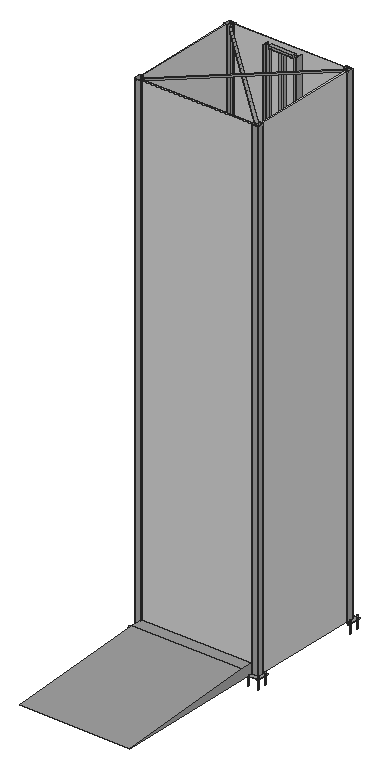
Revit family "SE_Trez_TC_T_1500_With_Ramp", category Specialty Equipment, Revit 2019
Family settings
  Round Connector Dimension = Use Diameter
  Part Type = Normal
  Work Plane-Based = No
  Always vertical = Yes
  Cut with Voids When Loaded = Yes
  Shared = No
  Room Calculation Point = No
Parameters (values of type "Platform-1700x1300mm with Door Height 2500mm")
  Side Clearance = 105.0 mm  # constant formula
  Safe Working Load = 1500.00 kg  # constant formula
  Safe Space = if(Cabin or Platform = Cabin, 900.0 mm, if(and(Cabin or Platform = Platform, Door Clear Height > 1900.0 mm), 600.0 mm, 0.0 mm))  # 600.0 mm
  Platform = Speciality_Equipment_Trez_Platform_Sgl_C : Platform
  Door Clear Width = Real Width  # 1700.0 mm
  Door Clear Height = 2500.0 mm
  D-Side = yes
  Clear Width = 1700.0 mm
  URL = "https://trez.bg/en/products/goods-only-lift-tc/tc-t-tower/"
  Tower Width = Real Width + 2 * Side Clearance  # 1910.0 mm
  Tower Depth = Real Depth + Side Clearance + Clearance  # 1830.0 mm
  Tower Cladding Material = TREZ_Steel_Cladding
  Real Width = if(Clear Width < 850.0 mm, 850.0 mm, if(Clear Width > 1700.0 mm, 1700.0 mm, Clear Width))  # 1700.0 mm
  Real Depth = if(Clear Depth < 850.0 mm, 850.0 mm, if(Clear Depth > 1300.0 mm, 1300.0 mm, Clear Depth))  # 1300.0 mm
  Profiles Material = TREZ_Steel
  Platform Material = TREZ_Steel
  Ramp Height = 150.0 mm  # constant formula
  Travel = 4500.0 mm
  Rail Height = Travel + Headroom  # 7600.0 mm
  Model = "TC T 1500"
  Manufacturer = "TREZ Ltd."
  Headroom = Door Clear Height + Safe Space  # 3100.0 mm
  Description = "TC T is the best choice when the budget is small, but the safety requirements are high. TC T is not fixed forever to the building. It can be installed directly on the ground floor and later dismounted and installed in another place. The TC T complies with the machinery directive 2006/42/EC. From the menu below, you can choose the lift and the tower options to fit perfectly for your project."  # constant formula
  Clear Depth = 1300.0 mm
  Created By URL = "https://all1studio.com/"
  Created By = "All 1 Studio Ltd."
  Clearance = 425.0 mm  # constant formula
  Cabin or Platform = Speciality_Equipment_Trez_Platform_Sgl_C : Platform
  Cabin = Speciality_Equipment_Trez_Cabin_Sgl_C : Cabin
  C-Side = 1 = 1  # yes
  B-Side = yes
  A-Side = no
Reference planes
  plane 1 "Center (Front/Back)": y = 0
  plane 2: z = 0
  plane 3 "Center (Left/Right)": x = 0
  plane 4: x = -850
  plane 5: x = 850
  plane 6: y = 650
  plane 7: y = -650
  plane 8: x = 955
  plane 9: y = 1075
  plane 10: x = -955
  plane 11: y = -755
  plane 12: x = 900
  plane 13: x = -900
  plane 14: y = 1020
  plane 15: y = -700
  plane 16: z = 4500
  plane 17 "Top of Lift": z = 7600
  plane 18 "Ramp": z = 150
  plane 19: x = -908.5
  plane 20: x = 908.5
  plane 21: x = -939.032
  plane 22: x = -921.032
  plane 23: y = 1059
  plane 24: y = 1041
  plane 25: x = 939
  plane 26: x = 921
  plane 27: y = -739
  plane 28: y = -721
  plane 29: x = -1015
  plane 30: y = 1135
  plane 31: x = 1015
  plane 32: y = -815
  plane 33: z = 7540
  plane 34: z = 40
  plane 35: z = -145
  plane 36: y = 888.5
  plane 37: y = 1285
  plane 38: x = -850
  plane 39: y = -650
  plane 40: x = 850
  plane 41: y = 970
Forms (mm)
  Extrusion 1, solid, material "TREZ_Steel_Cladding" <- "Tower Cladding Material", detail levels coarse+medium
    sketch origin (0, 0, 0) x (1, 0, 0) y (0, 1, 0)
      loop
        line (-955, -755) -> (-850, -755) -> (-850, -739) -> (850, -739) -> (850, -755) -> (955, -755) -> (955, -650) -> (939, -650) -> (939, 970) -> (955, 970) -> (955, 1075) -> (850, 1075) -> (850, 1059) -> (-850, 1059) -> (-850, 1075) -> (-955, 1075) -> (-955, 970) -> (-939.032, 970) -> (-939.032, -650) -> (-955, -650) -> (-955, -755)
      loop
        line (-900, -700) -> (-850, -700) -> (-850, -721) -> (850, -721) -> (850, -700) -> (900, -700) -> (900, -650) -> (921, -650) -> (921, 970) -> (900, 970) -> (900, 1020) -> (850, 1020) -> (850, 1041) -> (-850, 1041) -> (-850, 1020) -> (-900, 1020) -> (-900, 970) -> (-921.032, 970) -> (-921.032, -650) -> (-900, -650) -> (-900, -700)
    from 0 to 7600
  Extrusion 2, solid, material "TREZ_Steel" <- "Profiles Material", detail levels fine
    sketch origin (0, 0, 0) x (1, 0, 0) y (0, 1, 0)
      loop
        arc (-955, -748) -> (-952.95, -752.95) -> (-948, -755) r 7
        line (-948, -755) -> (-857, -755)
        arc (-857, -755) -> (-852.05, -752.95) -> (-850, -748) r 7
        line (-850, -748) -> (-850, -707)
        arc (-850, -707) -> (-852.05, -702.05) -> (-857, -700) r 7
        line (-857, -700) -> (-893, -700)
        arc (-893, -700) -> (-897.95, -697.95) -> (-900, -693) r 7
        line (-900, -693) -> (-900, -657)
        arc (-900, -657) -> (-902.05, -652.05) -> (-907, -650) r 7
        line (-907, -650) -> (-948, -650)
        arc (-948, -650) -> (-952.95, -652.05) -> (-955, -657) r 7
        line (-955, -657) -> (-955, -748)
      loop
        line (-853, -748) -> (-853, -707)
        arc (-853, -707) -> (-854.172, -704.172) -> (-857, -703) r 4
        line (-857, -703) -> (-893, -703)
        arc (-893, -703) -> (-900.071, -700.071) -> (-903, -693) r 10
        line (-903, -693) -> (-903, -657)
        arc (-903, -657) -> (-904.172, -654.172) -> (-907, -653) r 4
        line (-907, -653) -> (-948, -653)
        arc (-948, -653) -> (-950.828, -654.172) -> (-952, -657) r 4
        line (-952, -657) -> (-952, -748)
        arc (-952, -748) -> (-950.828, -750.828) -> (-948, -752) r 4
        line (-948, -752) -> (-857, -752)
        arc (-857, -752) -> (-854.172, -750.828) -> (-853, -748) r 4
      loop
        line (955, -748) -> (955, -657)
        arc (955, -657) -> (952.95, -652.05) -> (948, -650) r 7
        line (948, -650) -> (907, -650)
        arc (907, -650) -> (902.05, -652.05) -> (900, -657) r 7
        line (900, -657) -> (900, -693)
        arc (900, -693) -> (897.95, -697.95) -> (893, -700) r 7
        line (893, -700) -> (857, -700)
        arc (857, -700) -> (852.05, -702.05) -> (850, -707) r 7
        line (850, -707) -> (850, -748)
        arc (850, -748) -> (852.05, -752.95) -> (857, -755) r 7
        line (857, -755) -> (948, -755)
        arc (948, -755) -> (952.95, -752.95) -> (955, -748) r 7
      loop
        arc (853, -748) -> (854.172, -750.828) -> (857, -752) r 4
        line (857, -752) -> (948, -752)
        arc (948, -752) -> (950.828, -750.828) -> (952, -748) r 4
        line (952, -748) -> (952, -657)
        arc (952, -657) -> (950.828, -654.172) -> (948, -653) r 4
        line (948, -653) -> (907, -653)
        arc (907, -653) -> (904.172, -654.172) -> (903, -657) r 4
        line (903, -657) -> (903, -693)
        arc (903, -693) -> (900.071, -700.071) -> (893, -703) r 10
        line (893, -703) -> (857, -703)
        arc (857, -703) -> (854.172, -704.172) -> (853, -707) r 4
        line (853, -707) -> (853, -748)
      loop
        line (-955, 1068) -> (-955, 977)
        arc (-955, 977) -> (-952.95, 972.05) -> (-948, 970) r 7
        line (-948, 970) -> (-907, 970)
        arc (-907, 970) -> (-902.05, 972.05) -> (-900, 977) r 7
        line (-900, 977) -> (-900, 1013)
        arc (-900, 1013) -> (-897.95, 1017.95) -> (-893, 1020) r 7
        line (-893, 1020) -> (-857, 1020)
        arc (-857, 1020) -> (-852.05, 1022.05) -> (-850, 1027) r 7
        line (-850, 1027) -> (-850, 1068)
        arc (-850, 1068) -> (-852.05, 1072.95) -> (-857, 1075) r 7
        line (-857, 1075) -> (-948, 1075)
        arc (-948, 1075) -> (-952.95, 1072.95) -> (-955, 1068) r 7
      loop
        arc (-853, 1068) -> (-854.172, 1070.828) -> (-857, 1072) r 4
        line (-857, 1072) -> (-948, 1072)
        arc (-948, 1072) -> (-950.828, 1070.828) -> (-952, 1068) r 4
        line (-952, 1068) -> (-952, 977)
        arc (-952, 977) -> (-950.828, 974.172) -> (-948, 973) r 4
        line (-948, 973) -> (-907, 973)
        arc (-907, 973) -> (-904.172, 974.172) -> (-903, 977) r 4
        line (-903, 977) -> (-903, 1013)
        arc (-903, 1013) -> (-900.071, 1020.071) -> (-893, 1023) r 10
        line (-893, 1023) -> (-857, 1023)
        arc (-857, 1023) -> (-854.172, 1024.172) -> (-853, 1027) r 4
        line (-853, 1027) -> (-853, 1068)
      loop
        arc (955, 1068) -> (952.95, 1072.95) -> (948, 1075) r 7
        line (948, 1075) -> (857, 1075)
        arc (857, 1075) -> (852.05, 1072.95) -> (850, 1068) r 7
        line (850, 1068) -> (850, 1027)
        arc (850, 1027) -> (852.05, 1022.05) -> (857, 1020) r 7
        line (857, 1020) -> (893, 1020)
        arc (893, 1020) -> (897.95, 1017.95) -> (900, 1013) r 7
        line (900, 1013) -> (900, 977)
        arc (900, 977) -> (902.05, 972.05) -> (907, 970) r 7
        line (907, 970) -> (948, 970)
        arc (948, 970) -> (952.95, 972.05) -> (955, 977) r 7
        line (955, 977) -> (955, 1068)
      loop
        line (853, 1068) -> (853, 1027)
        arc (853, 1027) -> (854.172, 1024.172) -> (857, 1023) r 4
        line (857, 1023) -> (893, 1023)
        arc (893, 1023) -> (900.071, 1020.071) -> (903, 1013) r 10
        line (903, 1013) -> (903, 977)
        arc (903, 977) -> (904.172, 974.172) -> (907, 973) r 4
        line (907, 973) -> (948, 973)
        arc (948, 973) -> (950.828, 974.172) -> (952, 977) r 4
        line (952, 977) -> (952, 1068)
        arc (952, 1068) -> (950.828, 1070.828) -> (948, 1072) r 4
        line (948, 1072) -> (857, 1072)
        arc (857, 1072) -> (854.172, 1070.828) -> (853, 1068) r 4
    from 5 to 7600
  Extrusion 3, solid, material "TREZ_Steel_Cladding" <- "Tower Cladding Material", detail levels fine
    sketch origin (0, 0, 0) x (1, 0, 0) y (0, 1, 0)
      loop
        line (939, 970) -> (921, 970) -> (921, -650) -> (939, -650) -> (939, 970)
      loop
        line (850, 1059) -> (-850, 1059) -> (-850, 1041) -> (850, 1041) -> (850, 1059)
      loop
        line (850, -721) -> (-850, -721) -> (-850, -739) -> (850, -739) -> (850, -721)
      loop
        line (-921.032, -650) -> (-921.032, 970) -> (-939.032, 970) -> (-939.032, -650) -> (-921.032, -650)
    from 0 to 7600
  Extrusion 4, solid, material "TREZ_Steel" <- "Profiles Material", detail levels fine
    sketch origin (0, 0, 0) x (1, 0, 0) y (0, 1, 0)
      loop
        arc (-837, -815) -> (-832.05, -812.95) -> (-830, -808) r 7
        line (-830, -808) -> (-830, -755) -> (-850, -755) -> (-850, -700) -> (-900, -700) -> (-900, -650) -> (-955, -650) -> (-955, -630) -> (-1008, -630)
        arc (-1008, -630) -> (-1012.95, -632.05) -> (-1015, -637) r 7
        line (-1015, -637) -> (-1015, -808)
        arc (-1015, -808) -> (-1012.95, -812.95) -> (-1008, -815) r 7
        line (-1008, -815) -> (-837, -815)
      loop
        line (837, -815) -> (1008, -815)
        arc (1008, -815) -> (1012.95, -812.95) -> (1015, -808) r 7
        line (1015, -808) -> (1015, -637)
        arc (1015, -637) -> (1012.95, -632.05) -> (1008, -630) r 7
        line (1008, -630) -> (955, -630) -> (955, -650) -> (900, -650) -> (900, -700) -> (850, -700) -> (850, -755) -> (830, -755) -> (830, -808)
        arc (830, -808) -> (832.05, -812.95) -> (837, -815) r 7
      loop
        line (-837, 1135) -> (-1008, 1135)
        arc (-1008, 1135) -> (-1012.95, 1132.95) -> (-1015, 1128) r 7
        line (-1015, 1128) -> (-1015, 957)
        arc (-1015, 957) -> (-1012.95, 952.05) -> (-1008, 950) r 7
        line (-1008, 950) -> (-955, 950) -> (-955, 970) -> (-900, 970) -> (-900, 1020) -> (-850, 1020) -> (-850, 1075) -> (-830, 1075) -> (-830, 1128)
        arc (-830, 1128) -> (-832.05, 1132.95) -> (-837, 1135) r 7
      loop
        arc (837, 1135) -> (832.05, 1132.95) -> (830, 1128) r 7
        line (830, 1128) -> (830, 1075) -> (850, 1075) -> (850, 1020) -> (900, 1020) -> (900, 970) -> (955, 970) -> (955, 950) -> (1008, 950)
        arc (1008, 950) -> (1012.95, 952.05) -> (1015, 957) r 7
        line (1015, 957) -> (1015, 1128)
        arc (1015, 1128) -> (1012.95, 1132.95) -> (1008, 1135) r 7
        line (1008, 1135) -> (837, 1135)
    from 5 to 0
  Sweep 5, solid, material "TREZ_Steel" <- "Profiles Material", detail levels fine
    path origin (0, 0, 7600) x (-1, 0, 0) y (0, -1, 0)
      loop
        line (900, 700) -> (-900, -1020)
    profile origin (0, 160, 7600) x (-0.690858, 0.722991, 0) y (0, 0, 1)
      loop
        line (15, 0) -> (-15, 0) -> (-15, -30) -> (15, -30) -> (15, 0)
  Sweep 6, solid, material "TREZ_Steel" <- "Profiles Material", detail levels fine
    path origin (0, 0, 7600) x (-1, 0, 0) y (0, -1, 0)
      loop
        line (900, -1020) -> (-900, 700)
    profile origin (0, 160, 7600) x (0.690858, 0.722991, 0) y (0, 0, 1)
      loop
        line (-15, -60) -> (15, -60) -> (15, -30) -> (-15, -30) -> (-15, -60)
  Extrusion 7, void
    sketch origin (0, 0, 7600) x (-1, 0, 0) y (0, -1, 0)
      loop
        arc (907, -655) -> (902.05, -657.05) -> (900, -662) r 7
        line (900, -662) -> (900, -1013)
        arc (900, -1013) -> (897.95, -1017.95) -> (893, -1020) r 7
        line (893, -1020) -> (857, -1020)
        arc (857, -1020) -> (852.05, -1022.05) -> (850, -1027) r 7
        line (850, -1027) -> (850, -1068)
        arc (850, -1068) -> (852.05, -1072.95) -> (857, -1075) r 7
        line (857, -1075) -> (948, -1075)
        arc (948, -1075) -> (952.95, -1072.95) -> (955, -1068) r 7
        line (955, -1068) -> (955, -662)
        arc (955, -662) -> (952.95, -657.05) -> (948, -655) r 7
        line (948, -655) -> (907, -655)
      loop
        arc (-850, -1027) -> (-852.05, -1022.05) -> (-857, -1020) r 7
        line (-857, -1020) -> (-893, -1020)
        arc (-893, -1020) -> (-897.95, -1017.95) -> (-900, -1013) r 7
        line (-900, -1013) -> (-900, -662)
        arc (-900, -662) -> (-902.05, -657.05) -> (-907, -655) r 7
        line (-907, -655) -> (-948, -655)
        arc (-948, -655) -> (-952.95, -657.05) -> (-955, -662) r 7
        line (-955, -662) -> (-955, -1068)
        arc (-955, -1068) -> (-952.95, -1072.95) -> (-948, -1075) r 7
        line (-948, -1075) -> (-857, -1075)
        arc (-857, -1075) -> (-852.05, -1072.95) -> (-850, -1068) r 7
        line (-850, -1068) -> (-850, -1027)
      loop
        arc (-907, 615) -> (-902.05, 617.05) -> (-900, 622) r 7
        line (-900, 622) -> (-900, 693)
        arc (-900, 693) -> (-897.95, 697.95) -> (-893, 700) r 7
        line (-893, 700) -> (-857, 700)
        arc (-857, 700) -> (-852.05, 702.05) -> (-850, 707) r 7
        line (-850, 707) -> (-850, 748)
        arc (-850, 748) -> (-852.05, 752.95) -> (-857, 755) r 7
        line (-857, 755) -> (-948, 755)
        arc (-948, 755) -> (-952.95, 752.95) -> (-955, 748) r 7
        line (-955, 748) -> (-955, 622)
        arc (-955, 622) -> (-952.95, 617.05) -> (-948, 615) r 7
        line (-948, 615) -> (-907, 615)
      loop
        arc (900, 622) -> (902.05, 617.05) -> (907, 615) r 7
        line (907, 615) -> (948, 615)
        arc (948, 615) -> (952.95, 617.05) -> (955, 622) r 7
        line (955, 622) -> (955, 748)
        arc (955, 748) -> (952.95, 752.95) -> (948, 755) r 7
        line (948, 755) -> (857, 755)
        arc (857, 755) -> (852.05, 752.95) -> (850, 748) r 7
        line (850, 748) -> (850, 707)
        arc (850, 707) -> (852.05, 702.05) -> (857, 700) r 7
        line (857, 700) -> (893, 700)
        arc (893, 700) -> (897.95, 697.95) -> (900, 693) r 7
        line (900, 693) -> (900, 622)
    from -60 to 0
  Extrusion 8, solid, material "TREZ_Steel" <- "Profiles Material", detail levels fine
    sketch origin (0, 0, 0) x (1, 0, 0) y (0, 1, 0)
      loop
        circle (-990.697, -799.303) r 6
      loop
        circle (-845.697, -799.303) r 6
      loop
        circle (-990.697, -654.303) r 6
      loop
        circle (990.697, -799.303) r 6
      loop
        circle (845.697, -799.303) r 6
      loop
        circle (990.697, -654.303) r 6
      loop
        circle (-990.697, 1119.303) r 6
      loop
        circle (-845.697, 1119.303) r 6
      loop
        circle (-990.697, 974.303) r 6
      loop
        circle (990.697, 1119.303) r 6
      loop
        circle (845.697, 1119.303) r 6
      loop
        circle (990.697, 974.303) r 6
    from -145 to 40
Cuts and joins
  Extrusion 7 cuts Sweep 5
  Extrusion 7 cuts Sweep 6
  joined: Extrusion 4, Extrusion 8
Lines and regions (mm)
  symbolic lines, style "Profiles"
    curve 1: line (-955, 1075, 0) -> (-850, 1075, 0)
    curve 2: line (-850, 1075, 0) -> (-850, 1020, 0)
    curve 3: line (-850, 1020, 0) -> (-900, 1020, 0)
    curve 4: line (-900, 1020, 0) -> (-900, 970, 0)
    curve 5: line (-900, 970, 0) -> (-955, 970, 0)
    curve 6: line (-955, 970, 0) -> (-955, 1075, 0)
    curve 7: line (850, 1075, 0) -> (955, 1075, 0)
    curve 8: line (955, 1075, 0) -> (955, 970, 0)
    curve 9: line (955, 970, 0) -> (900, 970, 0)
    curve 10: line (900, 970, 0) -> (900, 1020, 0)
    curve 11: line (900, 1020, 0) -> (850, 1020, 0)
    curve 12: line (850, 1020, 0) -> (850, 1075, 0)
    curve 13: line (-955, -650, 0) -> (-900, -650, 0)
    curve 14: line (-900, -650, 0) -> (-900, -700, 0)
    curve 15: line (-900, -700, 0) -> (-850, -700, 0)
    curve 16: line (-850, -700, 0) -> (-850, -755, 0)
    curve 17: line (-850, -755, 0) -> (-955, -755, 0)
    curve 18: line (-955, -755, 0) -> (-955, -650, 0)
    curve 19: line (850, -700, 0) -> (900, -700, 0)
    curve 20: line (900, -700, 0) -> (900, -650, 0)
    curve 21: line (900, -650, 0) -> (955, -650, 0)
    curve 22: line (955, -650, 0) -> (955, -755, 0)
    curve 23: line (955, -755, 0) -> (850, -755, 0)
    curve 24: line (850, -700, 0) -> (850, -755, 0)
    curve 25: line (939, 970, 0) -> (921, 970, 0)
    curve 26: line (939, -650, 0) -> (939, 970, 0)
    curve 27: line (921, -650, 0) -> (939, -650, 0)
    curve 28: line (921, 970, 0) -> (921, -650, 0)
    curve 29: line (850, -721, 0) -> (-850, -721, 0)
    curve 30: line (850, -739, 0) -> (850, -721, 0)
    curve 31: line (-850, -739, 0) -> (850, -739, 0)
    curve 32: line (-850, -721, 0) -> (-850, -739, 0)
    curve 33: line (-921.032, -650, 0) -> (-939.032, -650, 0)
    curve 34: line (-921.032, 970, 0) -> (-921.032, -650, 0)
    curve 35: line (-939.032, 970, 0) -> (-921.032, 970, 0)
    curve 36: line (-939.032, -650, 0) -> (-939.032, 970, 0)
    curve 37: line (-850, 1041, 0) -> (850, 1041, 0)
    curve 38: line (-850, 1059, 0) -> (-850, 1041, 0)
    curve 39: line (850, 1059, 0) -> (-850, 1059, 0)
    curve 40: line (850, 1041, 0) -> (850, 1059, 0)
  symbolic lines, style "Platform"
    curve 41: line (-850, 650, 0) -> (850, 650, 0)
    curve 42: line (-850, -650, 0) -> (-850, 650, 0)
    curve 43: line (850, -650, 0) -> (-850, -650, 0)
    curve 44: line (850, 650, 0) -> (850, -650, 0)
    curve 45: line (-850, 650, 0) -> (850, -650, 0)
    curve 46: line (850, 650, 0) -> (-850, -650, 0)
  model lines, style "Profiles", detail levels coarse+medium
    curve 47: line (-900, 1020, 7600) -> (900, -700, 7600)
    curve 48: line (900, 1020, 7600) -> (-900, -700, 7600)
Dimensions and locks
  equal spacing: plane 4, plane 3 "Center (Left/Right)", plane 5
  "Real Width": plane 4 to plane 5
  equal spacing: plane 7, plane 1 "Center (Front/Back)", plane 6
  "Real Depth": plane 7 to plane 6
  "Side Clearance": plane 7 to plane 11
  locked: plane 12 to plane 8 at 55
  locked: plane 10 to plane 13 at 55
  locked: plane 14 to plane 9 at 55
  locked: plane 15 to plane 11 at 55
  "Travel": plane 16 to level
  locked: plane 10 to plane 19 at 46.5
  locked: plane 20 to plane 8 at 46.5
  plane 10 to plane 21 to plane 22 = 15.968 mm locked, 18.0 mm locked
  plane 24 to plane 23 to plane 9 = 18.0 mm locked, 16.0 mm locked
  plane 26 to plane 25 to plane 8 = 18.0 mm locked, 16.0 mm locked
  plane 28 to plane 27 to plane 11 = 18.0 mm locked, 16.0 mm locked
  locked: plane 29 to plane 10 at 60
  locked: plane 9 to plane 30 at 60
  locked: plane 8 to plane 31 at 60
  locked: plane 11 to plane 32 at 60
  "Headroom": plane 17 "Top of Lift" to plane 16
  locked: plane 17 "Top of Lift" to plane 33 at 60
  locked: plane 34 to level at 40
  locked: level to plane 35 at 145
  "Clearance": plane 6 to plane 9
  locked: plane 36 to plane 9 at 186.5
  locked: plane 9 to plane 37 at 210
  "Side Clearance": plane 10 to plane 4
  "Side Clearance": plane 5 to plane 8
  locked: plane 10 to plane 38 at 105
  locked: plane 39 to plane 11 at 105
  locked: plane 40 to plane 8 at 105
  locked: plane 41 to plane 9 at 105
  plane 9 to plane 11 = 1830.0 mm
  plane 10 to plane 8 = 1910.0 mm
  "Ramp Height": plane 18 "Ramp" to level
  aligned and locked: level to plane 2
  aligned and locked: plane 10 to Extrusion 1 sketch curve
  aligned and locked: plane 13 to Extrusion 1 sketch curve
  aligned and locked: plane 17 "Top of Lift" to Extrusion 1
  aligned and locked: plane 1 "Center (Front/Back)" to nested 1
  aligned and locked: plane 3 "Center (Left/Right)" to nested 1
  aligned and locked: plane 17 "Top of Lift" to Extrusion 2
  aligned and locked: Extrusion 3 sketch curve to plane 25
  aligned and locked: plane 26 to Extrusion 3 sketch curve
  aligned and locked: Extrusion 3 sketch curve to plane 23
  aligned and locked: plane 24 to Extrusion 3 sketch curve
  aligned and locked: plane 28 to Extrusion 3 sketch curve
  aligned and locked: Extrusion 3 sketch curve to plane 27
  aligned and locked: Extrusion 3 sketch curve to plane 22
  aligned and locked: plane 21 to Extrusion 3 sketch curve
  aligned and locked: plane 17 "Top of Lift" to Extrusion 3
  aligned and locked: plane 14 to Sweep 5 sketch curve
  aligned and locked: plane 12 to Sweep 5 sketch curve
  aligned and locked: plane 13 to Sweep 5 sketch curve
  aligned and locked: plane 15 to Sweep 5 sketch curve
  aligned and locked: plane 12 to Sweep 6 sketch curve
  aligned and locked: plane 15 to Sweep 6 sketch curve
  aligned and locked: plane 14 to Sweep 6 sketch curve
  aligned and locked: plane 13 to Sweep 6 sketch curve
  aligned and locked: plane 33 to Extrusion 7
  aligned and locked: plane 17 "Top of Lift" to Extrusion 7
  aligned and locked: Extrusion 8 to plane 35
  aligned and locked: plane 34 to Extrusion 8
  aligned and locked: plane 16 to nested 1
  aligned and locked: nested 3 to plane 3 "Center (Left/Right)"
  aligned and locked: plane 36 to nested 3
  aligned and locked: nested 2 to plane 3 "Center (Left/Right)"
  aligned and locked: nested 2 to plane 37
  aligned and locked: plane 4 to curve 42
  aligned and locked: Extrusion 3 sketch curve to plane 40
  aligned and locked: nested 3 to level
  aligned and locked: nested 4 to plane 3 "Center (Left/Right)"
  aligned and locked: plane 27 to nested 4
Automatic sketch dimensions
  plane 9 to Extrusion 7 sketch curve = 0.0 mm  (x2)
  plane 14 to Extrusion 7 sketch curve = 0.0 mm  (x2)
  Extrusion 7 sketch curve to plane 13 = 0.0 mm  (x2)
  Extrusion 7 sketch curve to plane 10 = 0.0 mm  (x2)
  Extrusion 7 sketch curve to Extrusion 7 sketch curve = 7.0 mm  (x9)
  plane 13 to Extrusion 7 sketch curve = 43.0 mm
  Extrusion 7 sketch curve to Extrusion 7 sketch curve = 36.0 mm  (x2)
  plane 19 to Extrusion 7 sketch curve = 1.5 mm  (x2)
  plane 10 to Extrusion 7 sketch curve = 7.0 mm
  Extrusion 7 sketch curve to plane 6 = 12.0 mm
  Extrusion 7 sketch curve to plane 8 = 0.0 mm  (x2)
  Extrusion 7 sketch curve to plane 12 = 0.0 mm  (x2)
  Extrusion 7 sketch curve to plane 6 = 5.0 mm
  plane 8 to Extrusion 7 sketch curve = 7.0 mm  (x3)
  plane 20 to Extrusion 7 sketch curve = 1.5 mm  (x2)
  Extrusion 7 sketch curve to plane 14 = 7.0 mm
  Extrusion 7 sketch curve to plane 11 = 0.0 mm  (x2)
  Extrusion 7 sketch curve to plane 15 = 0.0 mm  (x2)
  plane 12 to Extrusion 7 sketch curve = 7.0 mm
  plane 11 to Extrusion 7 sketch curve = 7.0 mm  (x2)
  plane 12 to Extrusion 7 sketch curve = 43.0 mm
  Extrusion 7 sketch curve to plane 15 = 7.0 mm
  plane 7 to Extrusion 7 sketch curve = 35.0 mm  (x2)
  plane 13 to Extrusion 7 sketch curve = 50.0 mm
  plane 13 to Extrusion 7 sketch curve = 7.0 mm
  curve 47 to plane 12 = 0.0 mm
  curve 48 to plane 12 = 0.0 mm
  curve 48 to plane 13 = 0.0 mm
  curve 47 to plane 13 = 0.0 mm
  plane 14 to curve 48 = 0.0 mm
  plane 14 to curve 47 = 0.0 mm
  curve 48 to plane 15 = 0.0 mm
  curve 47 to plane 15 = 0.0 mm
  plane 17 "Top of Lift" to Sweep 5 sketch curve = 0.0 mm
  profile plane to Sweep 5 sketch curve = 15.0 mm
  Sweep 5 sketch curve to profile plane = 15.0 mm
  Sweep 5 sketch curve to Sweep 5 sketch curve = 30.0 mm
  profile plane to Sweep 6 sketch curve = 15.0 mm
  Sweep 6 sketch curve to profile plane = 15.0 mm
  Sweep 6 sketch curve to plane 17 "Top of Lift" = 60.0 mm
  Sweep 6 sketch curve to plane 17 "Top of Lift" = 30.0 mm
  Extrusion 2 sketch curve to Extrusion 2 sketch curve = 0.0 mm  (x48)
  Extrusion 2 sketch curve to plane 10 = 0.0 mm  (x2)
  Extrusion 2 sketch curve to plane 11 = 0.0 mm  (x2)
  plane 41 to Extrusion 2 sketch curve = 0.0 mm  (x2)
  plane 9 to Extrusion 2 sketch curve = 0.0 mm  (x2)
  plane 39 to Extrusion 2 sketch curve = 0.0 mm  (x2)
  Extrusion 2 sketch curve to plane 13 = 0.0 mm  (x2)
  plane 14 to Extrusion 2 sketch curve = 0.0 mm  (x2)
  Extrusion 2 sketch curve to plane 15 = 0.0 mm  (x2)
  Extrusion 2 sketch curve to plane 38 = 0.0 mm  (x2)
  Extrusion 2 sketch curve to plane 40 = 0.0 mm  (x2)
  Extrusion 2 sketch curve to plane 12 = 0.0 mm  (x2)
  Extrusion 2 sketch curve to plane 8 = 0.0 mm  (x2)
  Extrusion 2 sketch curve to Extrusion 2 sketch curve = 3.0 mm  (x2)
  plane 10 to Extrusion 2 sketch curve = 3.0 mm
  plane 10 to Extrusion 2 sketch curve = 7.0 mm  (x2)
  Extrusion 2 sketch curve to Extrusion 2 sketch curve = 4.0 mm  (x12)
  plane 19 to Extrusion 2 sketch curve = 1.5 mm  (x2)
  Extrusion 2 sketch curve to Extrusion 2 sketch curve = 7.0 mm  (x2)
  plane 13 to Extrusion 2 sketch curve = 7.0 mm
  Extrusion 2 sketch curve to plane 40 = 3.0 mm
  Extrusion 2 sketch curve to plane 40 = 7.0 mm
  plane 12 to Extrusion 2 sketch curve = 7.0 mm
  plane 20 to Extrusion 2 sketch curve = 1.5 mm  (x2)
  plane 8 to Extrusion 2 sketch curve = 7.0 mm
  plane 9 to curve 1 = 0.0 mm
  curve 1 to plane 10 = 0.0 mm
  curve 13 to plane 10 = 0.0 mm
  curve 35 to plane 21 = 0.0 mm
  curve 34 to plane 22 = 0.0 mm
  curve 5 to plane 13 = 0.0 mm
  curve 14 to plane 13 = 0.0 mm
  curve 16 to plane 15 = 0.0 mm
  curve 16 to plane 38 = 0.0 mm
  plane 23 to curve 38 = 0.0 mm
  curve 38 to plane 38 = 0.0 mm
  curve 32 to plane 27 = 0.0 mm
  curve 32 to plane 38 = 0.0 mm
  curve 1 to plane 38 = 0.0 mm
  curve 45 to plane 5 = 0.0 mm
  plane 24 to curve 40 = 0.0 mm
  curve 40 to plane 40 = 0.0 mm
  plane 9 to curve 7 = 0.0 mm
  curve 7 to plane 40 = 0.0 mm
  curve 24 to plane 11 = 0.0 mm
  curve 24 to plane 40 = 0.0 mm
  curve 29 to plane 28 = 0.0 mm
  curve 29 to plane 40 = 0.0 mm
  curve 19 to plane 12 = 0.0 mm
  curve 10 to plane 12 = 0.0 mm
  curve 25 to plane 26 = 0.0 mm
  curve 26 to plane 25 = 0.0 mm
  curve 22 to plane 8 = 0.0 mm
  curve 7 to plane 8 = 0.0 mm
  curve 16 to plane 11 = 0.0 mm
  curve 19 to plane 15 = 0.0 mm
  plane 39 to curve 13 = 0.0 mm
  plane 39 to curve 26 = 0.0 mm
  plane 39 to curve 33 = 0.0 mm
  plane 39 to curve 22 = 0.0 mm
  plane 41 to curve 25 = 0.0 mm
  plane 41 to curve 10 = 0.0 mm
  plane 41 to curve 36 = 0.0 mm
  plane 41 to curve 4 = 0.0 mm
  plane 14 to curve 12 = 0.0 mm
  plane 14 to curve 4 = 0.0 mm
  Extrusion 1 sketch curve to plane 10 = 0.0 mm
  Extrusion 1 sketch curve to plane 21 = 0.0 mm
  Extrusion 1 sketch curve to plane 22 = 0.0 mm
  Extrusion 1 sketch curve to plane 13 = 0.0 mm
  Extrusion 1 sketch curve to plane 15 = 0.0 mm  (x2)
  Extrusion 1 sketch curve to plane 38 = 0.0 mm  (x4)
  plane 24 to Extrusion 1 sketch curve = 0.0 mm
  Extrusion 1 sketch curve to plane 11 = 0.0 mm  (x2)
  plane 9 to Extrusion 1 sketch curve = 0.0 mm  (x2)
  Extrusion 1 sketch curve to plane 40 = 0.0 mm  (x4)
  plane 23 to Extrusion 1 sketch curve = 0.0 mm
  Extrusion 1 sketch curve to plane 12 = 0.0 mm  (x2)
  Extrusion 1 sketch curve to plane 26 = 0.0 mm
  Extrusion 1 sketch curve to plane 25 = 0.0 mm
  Extrusion 1 sketch curve to plane 8 = 0.0 mm  (x2)
  Extrusion 1 sketch curve to plane 27 = 0.0 mm
  Extrusion 1 sketch curve to plane 28 = 0.0 mm
  plane 39 to Extrusion 1 sketch curve = 0.0 mm  (x4)
  plane 41 to Extrusion 1 sketch curve = 0.0 mm  (x4)
  plane 14 to Extrusion 1 sketch curve = 0.0 mm  (x2)
  Extrusion 4 sketch curve to plane 29 = 0.0 mm  (x2)
  plane 30 to Extrusion 4 sketch curve = 0.0 mm  (x2)
  Extrusion 4 sketch curve to plane 32 = 0.0 mm  (x2)
  Extrusion 4 sketch curve to plane 10 = 0.0 mm  (x2)
  Extrusion 4 sketch curve to plane 13 = 0.0 mm  (x2)
  Extrusion 4 sketch curve to plane 11 = 0.0 mm  (x2)
  Extrusion 4 sketch curve to plane 38 = 0.0 mm  (x2)
  plane 14 to Extrusion 4 sketch curve = 0.0 mm  (x2)
  plane 9 to Extrusion 4 sketch curve = 0.0 mm  (x2)
  Extrusion 4 sketch curve to plane 40 = 0.0 mm  (x2)
  Extrusion 4 sketch curve to plane 15 = 0.0 mm  (x2)
  Extrusion 4 sketch curve to plane 12 = 0.0 mm  (x2)
  Extrusion 4 sketch curve to plane 8 = 0.0 mm  (x2)
  Extrusion 4 sketch curve to plane 31 = 0.0 mm  (x2)
  plane 39 to Extrusion 4 sketch curve = 0.0 mm  (x2)
  plane 41 to Extrusion 4 sketch curve = 0.0 mm  (x2)
  Extrusion 4 sketch curve to Extrusion 4 sketch curve = 7.0 mm  (x3)
  plane 29 to Extrusion 4 sketch curve = 7.0 mm  (x3)
  plane 38 to Extrusion 4 sketch curve = 13.0 mm  (x2)
  Extrusion 4 sketch curve to Extrusion 4 sketch curve = 20.0 mm  (x3)
  plane 40 to Extrusion 4 sketch curve = 20.0 mm
  plane 31 to Extrusion 4 sketch curve = 7.0 mm  (x4)
  Extrusion 4 sketch curve to plane 39 = 13.0 mm  (x2)
  plane 41 to Extrusion 4 sketch curve = 20.0 mm  (x2)
  plane 29 to Extrusion 8 sketch curve = 24.303 mm  (x4)
  plane 39 to Extrusion 8 sketch curve = 4.303 mm  (x2)
  Extrusion 8 sketch curve to plane 41 = 4.303 mm  (x2)
  plane 38 to Extrusion 8 sketch curve = 4.303 mm  (x2)
  plane 40 to Extrusion 8 sketch curve = 4.303 mm  (x2)
  plane 31 to Extrusion 8 sketch curve = 24.303 mm  (x4)
  plane 32 to Extrusion 8 sketch curve = 15.697 mm  (x4)
  plane 30 to Extrusion 8 sketch curve = 15.697 mm  (x4)
  Extrusion 3 sketch curve to plane 4 = 0.0 mm  (x2)
  Extrusion 3 sketch curve to plane 5 = 0.0 mm
  Extrusion 3 sketch curve to plane 7 = 0.0 mm  (x2)
  plane 41 to Extrusion 3 sketch curve = 0.0 mm  (x2)
  plane 6 to curve 46 = 0.0 mm
  curve 42 to plane 7 = 0.0 mm
  radius of Extrusion 8 sketch curve = 6.0 mm  (x12)
Nested families
  nested 1: "Speciality_Equipment_Trez_Platform_Sgl_C" at (0, 0, 4500), type <- "Cabin or Platform", type "Platform"
    with Width 1700.0 mm, Depth 1300.0 mm, D-Side yes, B-Side yes
  nested 2: "Electrical_Equpment_Trez_Cabinet" at (0, 1285, 0) x (-1, 0, 0) z (0, 0, 1), type "Cabinet"
  nested 3: "Generic_Model_Trez_Rails_Sgl_C" at (0, 888.5, 0) x (0, -1, 0) z (0, 0, 1), type "Rails"
    with Height 7600.0 mm
  nested 4: "Generic_Model_Trez_Ramp" at (0, -839, 0), type "4 Degree Ramp"
    with Ramp Width 1700.0 mm, Ramp Length 2150.338 mm, Ramp Height 150.0 mm
Definition of nested family "Speciality_Equipment_Trez_Platform_Sgl_C"
  Parameters (values of type "Platform")
    Width = 1300.0 mm
    Platform Material = none
    Depth = 1000.0 mm
    D-Side = no
    C-Side = yes
    B-Side = no
    A-Side = no
  Reference planes
    plane 1 "Center (Front/Back)": y = 0
    plane 2 "Bottom": z = 0
    plane 3 "Center (Left/Right)": x = 0
    plane 4: x = 650
    plane 5: x = -650
    plane 6: y = 500
    plane 7: y = -500
    plane 8: y = 535
    plane 9: z = -89
    plane 10: z = 709
    plane 11: x = -685
    plane 12: x = 685
    plane 13: y = -535
  Forms (mm)
    Extrusion 1, solid, material <- "Platform Material", visible <- "C-Side"
      sketch origin (0, 0, 0) x (1, 0, 0) y (0, 1, 0)
        loop
          line (-650, 535) -> (-650, 500) -> (650, 500) -> (650, 535) -> (-650, 535)
      from -89 to 709
    Extrusion 2, solid, material <- "Platform Material", detail levels coarse+medium
      sketch origin (0, 0, 0) x (1, 0, 0) y (0, 0, 1)
        loop
          line (-650, 0) -> (-650, -89) -> (650, -89) -> (650, 0) -> (-650, 0)
      from -500 to 500
    Extrusion 3, solid, material <- "Platform Material", detail levels fine
      sketch origin (0, 0, 0) x (1, 0, 0) y (0, 0, 1)
        loop
          line (-650, 0) -> (-650, -74)
          arc (-650, -74) -> (-645.607, -84.607) -> (-635, -89) r 15
          line (-635, -89) -> (635, -89)
          arc (635, -89) -> (645.607, -84.607) -> (650, -74) r 15
          line (650, -74) -> (650, 0) -> (-650, 0)
      from -500 to 500
    Extrusion 4, solid, material <- "Platform Material", visible <- "A-Side"
      sketch origin (0, -1035, 0) x (1, 0, 0) y (0, 1, 0)
        loop
          line (-650, 535) -> (-650, 500) -> (650, 500) -> (650, 535) -> (-650, 535)
      from -89 to 709
    Extrusion 5, solid, material <- "Platform Material", visible <- "D-Side"
      sketch origin (31.413, 20.624, 0) x (0, -1, 0) y (1, 0, 0)
        loop
          line (-514.376, 653.587) -> (-514.376, 618.587) -> (555.624, 618.587) -> (555.624, 653.587) -> (-514.376, 653.587)
      from -89 to 709
    Extrusion 6, solid, material <- "Platform Material", visible <- "B-Side"
      sketch origin (-1003.587, 20.624, 0) x (0, -1, 0) y (1, 0, 0)
        loop
          line (-514.376, 353.587) -> (-514.376, 318.587) -> (555.624, 318.587) -> (555.624, 353.587) -> (-514.376, 353.587)
      from -89 to 709
  Dimensions and locks
    equal spacing: plane 5, plane 3 "Center (Left/Right)", plane 4
    "Width": plane 5 to plane 4
    equal spacing: plane 7, plane 1 "Center (Front/Back)", plane 6
    "Depth": plane 6 to plane 7
    locked: plane 8 to plane 6 at 35
    locked: plane 2 "Bottom" to plane 9 at 89
    locked: plane 10 to plane 2 "Bottom" at 709
    locked: plane 11 to plane 5 at 35
    locked: plane 4 to plane 12 at 35
    locked: plane 13 to plane 7 at 35
    aligned and locked: level to plane 2 "Bottom"
    aligned and locked: Extrusion 1 sketch curve to plane 8
    aligned and locked: Extrusion 2 sketch curve to plane 2 "Bottom"
    aligned and locked: Extrusion 2 sketch curve to plane 9
    aligned and locked: plane 6 to Extrusion 2
    aligned and locked: plane 7 to Extrusion 2
    aligned and locked: Extrusion 3 sketch curve to plane 2 "Bottom"
    aligned and locked: Extrusion 3 sketch curve to plane 9
    aligned and locked: plane 7 to Extrusion 3
    aligned and locked: plane 6 to Extrusion 3
    aligned and locked: Extrusion 1 to plane 9
    aligned and locked: plane 5 to Extrusion 3
    aligned and locked: plane 5 to Extrusion 2
    aligned and locked: plane 5 to Extrusion 1
    aligned and locked: plane 4 to Extrusion 3
    aligned and locked: plane 4 to Extrusion 2
    aligned and locked: plane 4 to Extrusion 1
    aligned and locked: Extrusion 4 to plane 7
    aligned and locked: plane 13 to Extrusion 4
    aligned and locked: plane 4 to Extrusion 4
    aligned and locked: plane 5 to Extrusion 4
    aligned and locked: plane 12 to Extrusion 5
    aligned and locked: Extrusion 5 to plane 4
    aligned and locked: plane 8 to Extrusion 5
    aligned and locked: plane 13 to Extrusion 5
    aligned and locked: plane 11 to Extrusion 6
    aligned and locked: Extrusion 6 to plane 5
    aligned and locked: plane 8 to Extrusion 6
    aligned and locked: plane 13 to Extrusion 6
  Automatic sketch dimensions
    Extrusion 1 sketch curve to plane 5 = 0.0 mm
    Extrusion 1 sketch curve to plane 4 = 0.0 mm
    Extrusion 1 sketch curve to plane 6 = 0.0 mm
    plane 5 to Extrusion 2 sketch curve = 0.0 mm
    Extrusion 2 sketch curve to plane 4 = 0.0 mm
    plane 5 to Extrusion 3 sketch curve = 0.0 mm
    Extrusion 3 sketch curve to plane 4 = 0.0 mm
    Extrusion 3 sketch curve to plane 5 = 15.0 mm
    Extrusion 3 sketch curve to plane 4 = 15.0 mm
    Extrusion 4 sketch curve to plane 5 = 0.0 mm
    Extrusion 4 sketch curve to plane 4 = 0.0 mm
    plane 13 to Extrusion 4 sketch curve = 0.0 mm
    plane 7 to Extrusion 4 sketch curve = 0.0 mm
    plane 8 to Extrusion 5 sketch curve = 0.0 mm
    plane 13 to Extrusion 5 sketch curve = 0.0 mm
    Extrusion 5 sketch curve to plane 12 = 35.0 mm
    Extrusion 5 sketch curve to Extrusion 5 sketch curve = 35.0 mm
    plane 8 to Extrusion 6 sketch curve = 0.0 mm
    plane 13 to Extrusion 6 sketch curve = 0.0 mm
    Extrusion 6 sketch curve to plane 12 = 1370.0 mm
    Extrusion 6 sketch curve to Extrusion 6 sketch curve = 35.0 mm
Definition of nested family "Electrical_Equpment_Trez_Cabinet"
  Parameters (values of type "SE_Trez_Cabinet")
    Width = 584.0 mm
    Depth = 348.0 mm
    Cabinet Material = none
  Reference planes
    plane 1 "Center (Front/Back)": y = 0
    plane 2: z = 0
    plane 3 "Center (Left/Right)": x = 0
    plane 4: x = -292
    plane 5: x = 292
    plane 6: y = 174
    plane 7: y = -174
    plane 8: z = 100
    plane 9: z = 1000
    plane 10: x = -257
    plane 11: x = 257
  Forms (mm)
    Extrusion 1, solid, material <- "Cabinet Material", detail levels fine
      sketch origin (0, 0, 0) x (1, 0, 0) y (0, 1, 0)
        loop
          line (-292, 174) -> (-292, -174) -> (292, -174) -> (292, 174) -> (-292, 174)
      from 100 to 1000
    Extrusion 2, solid, material <- "Cabinet Material", detail levels fine
      sketch origin (0, 0, 0) x (1, 0, 0) y (0, 1, 0)
        loop
          line (-257, 174) -> (-292, 174) -> (-292, -174) -> (-257, -174) -> (-257, 174)
        loop
          line (257, 174) -> (257, -174) -> (292, -174) -> (292, 174) -> (257, 174)
      from 0 to 100
    Extrusion 3, solid, detail levels coarse+medium
      sketch origin (0, 0, 0) x (1, 0, 0) y (0, 1, 0)
        loop
          line (-292, 174) -> (-292, -174) -> (292, -174) -> (292, 174) -> (-292, 174)
      from 0 to 1000
  Lines and regions (mm)
    symbolic lines
      curve 1: line (-292, 174, 0) -> (292, 174, 0)
      curve 2: line (-292, -174, 0) -> (-292, 174, 0)
      curve 3: line (292, -174, 0) -> (-292, -174, 0)
      curve 4: line (292, 174, 0) -> (292, -174, 0)
  Dimensions and locks
    equal spacing: plane 4, plane 3 "Center (Left/Right)", plane 5
    "Width": plane 4 to plane 5
    equal spacing: plane 7, plane 1 "Center (Front/Back)", plane 6
    "Depth": plane 7 to plane 6
    plane 9 to plane 8 to plane 2 = 900.0 mm locked, 100.0 mm locked
    aligned and locked: level to plane 2
    aligned and locked: plane 6 to Extrusion 1 sketch curve
    aligned and locked: plane 4 to Extrusion 1 sketch curve
    aligned and locked: plane 7 to Extrusion 1 sketch curve
    aligned and locked: plane 5 to Extrusion 1 sketch curve
    aligned and locked: plane 9 to Extrusion 1
    aligned and locked: Extrusion 1 to plane 8
    aligned and locked: Extrusion 2 sketch curve to plane 6
    aligned and locked: plane 10 to Extrusion 2 sketch curve
    aligned and locked: Extrusion 2 sketch curve to Extrusion 1  (x4)
    aligned and locked: plane 6 to Extrusion 2 sketch curve
    aligned and locked: Extrusion 2 sketch curve to plane 11
    aligned and locked: plane 8 to Extrusion 2
    aligned and locked: Extrusion 2 to level
    aligned and locked: Extrusion 3 sketch curve to Extrusion 1  (x4)
    aligned and locked: Extrusion 3 to plane 2
    aligned and locked: plane 9 to Extrusion 3
    aligned and locked: curve 1 to Extrusion 1
    aligned and locked: curve 2 to Extrusion 1
    aligned and locked: curve 3 to Extrusion 1
    aligned and locked: curve 4 to Extrusion 1
Definition of nested family "Generic_Model_Trez_Rails_Sgl_C"
  Parameters (values of type "Rails")
    Profiles Material = none
    Height = 7720.0 mm
  Reference planes
    plane 1 "Center (Front/Back)": y = 0
    plane 2: z = 0
    plane 3 "Center (Left/Right)": x = 0
    plane 4: x = 87.2
    plane 5: x = -87.2
    plane 6: y = 350
    plane 7: y = -350
    plane 8: z = 7720
    plane 9: z = 15
    plane 10: z = 7685
    plane 11: z = -95
  Forms (mm)
    Extrusion 1, solid, material <- "Profiles Material", detail levels fine
      sketch origin (0, 0, 0) x (1, 0, 0) y (0, 1, 0)
        loop
          line (77.2, 350) -> (-77.2, 350)
          arc (-77.2, 350) -> (-84.271, 347.071) -> (-87.2, 340) r 10
          line (-87.2, 340) -> (-87.2, -340)
          arc (-87.2, -340) -> (-84.271, -347.071) -> (-77.2, -350) r 10
          line (-77.2, -350) -> (77.2, -350)
          arc (77.2, -350) -> (84.271, -347.071) -> (87.2, -340) r 10
          line (87.2, -340) -> (87.2, 340)
          arc (87.2, 340) -> (84.271, 347.071) -> (77.2, 350) r 10
      from 0 to 15
    Extrusion 2, solid, material <- "Profiles Material", detail levels fine
      sketch origin (0, 0, 0) x (1, 0, 0) y (0, 1, 0)
        loop
          line (-61.5, -260) -> (28.5, -260) -> (28.5, -252) -> (-3.5, -252)
          arc (-3.5, -252) -> (-7.036, -250.536) -> (-8.5, -247) r 5
          line (-8.5, -247) -> (-8.5, -185) -> (-24.5, -185) -> (-24.5, -247)
          arc (-24.5, -247) -> (-25.964, -250.536) -> (-29.5, -252) r 5
          line (-29.5, -252) -> (-61.5, -252) -> (-61.5, -260)
        loop
          line (-37.94, -40) -> (-1.94, -40)
          arc (-1.94, -40) -> (8.667, -35.607) -> (13.06, -25) r 15
          line (13.06, -25) -> (13.06, 25)
          arc (13.06, 25) -> (8.667, 35.607) -> (-1.94, 40) r 15
          line (-1.94, 40) -> (-37.94, 40) -> (-37.94, -40)
        loop
          line (-61.5, 260) -> (-61.5, 252) -> (-29.5, 252)
          arc (-29.5, 252) -> (-25.964, 250.536) -> (-24.5, 247) r 5
          line (-24.5, 247) -> (-24.5, 185) -> (-8.5, 185) -> (-8.5, 247)
          arc (-8.5, 247) -> (-7.036, 250.536) -> (-3.5, 252) r 5
          line (-3.5, 252) -> (28.5, 252) -> (28.5, 260) -> (-61.5, 260)
      from 15 to 7720
    Extrusion 3, solid, material <- "Profiles Material", detail levels fine
      sketch origin (0, 0, 0) x (1, 0, 0) y (0, 0, 1)
        loop
          line (-51.5, 7720) -> (-51.5, 7690)
          arc (-51.5, 7690) -> (-50.036, 7686.464) -> (-46.5, 7685) r 5
          line (-46.5, 7685) -> (13.5, 7685)
          arc (13.5, 7685) -> (17.036, 7686.464) -> (18.5, 7690) r 5
          line (18.5, 7690) -> (18.5, 7720) -> (-51.5, 7720)
      from -185 to 185
    Extrusion 4, solid, material <- "Profiles Material", detail levels coarse+medium
      sketch origin (0, 0, 0) x (1, 0, 0) y (0, 1, 0)
        loop
          line (87.2, 350) -> (-87.2, 350) -> (-87.2, -350) -> (87.2, -350) -> (87.2, 350)
      from 0 to 15
    Extrusion 5, solid, material <- "Profiles Material", detail levels coarse+medium
      sketch origin (0, 0, 0) x (1, 0, 0) y (0, 1, 0)
        loop
          line (28.5, -185) -> (-61.5, -185) -> (-61.5, -260) -> (28.5, -260) -> (28.5, -185)
        loop
          line (-37.94, -40) -> (13.06, -40) -> (13.06, 40) -> (-37.94, 40) -> (-37.94, -40)
        loop
          line (-61.5, 260) -> (-61.5, 185) -> (28.5, 185) -> (28.5, 260) -> (-61.5, 260)
      from 15 to 7720
    Extrusion 6, solid, material <- "Profiles Material", detail levels coarse+medium
      sketch origin (0, 0, 0) x (1, 0, 0) y (0, 0, 1)
        loop
          line (-51.5, 7720) -> (-51.5, 7690)
          arc (-51.5, 7690) -> (-50.036, 7686.464) -> (-46.5, 7685) r 5
          line (-46.5, 7685) -> (13.5, 7685)
          arc (13.5, 7685) -> (17.036, 7686.464) -> (18.5, 7690) r 5
          line (18.5, 7690) -> (18.5, 7720) -> (-51.5, 7720)
      from -260 to 260
    Extrusion 7, solid, material <- "Profiles Material", detail levels fine
      sketch origin (0, 0, 0) x (1, 0, 0) y (0, 1, 0)
        loop
          circle (46.2, 222.5) r 7.5
        loop
          circle (-43.8, 222.5) r 7.5
        loop
          circle (-43.8, 132.5) r 7.5
        loop
          circle (46.2, -222.5) r 7.5
        loop
          circle (-43.8, -222.5) r 7.5
        loop
          circle (-43.8, -132.5) r 7.5
        loop
          circle (-43.8, -80) r 7.5
        loop
          circle (-43.8, 80) r 7.5
        loop
          circle (46.2, 0.052) r 7.5
      from -95 to 0
  Cuts and joins
    joined: Extrusion 2, Extrusion 3
    joined: Extrusion 5, Extrusion 6
  Lines and regions (mm)
    symbolic lines
      curve 1: line (28.5, 185, 0) -> (-61.5, 185, 0)
      curve 2: line (28.5, 260, 0) -> (28.5, 185, 0)
      curve 3: line (-61.5, 260, 0) -> (28.5, 260, 0)
      curve 4: line (-61.5, 185, 0) -> (-61.5, 260, 0)
      curve 5: line (13.06, 40, 0) -> (-37.94, 40, 0)
      curve 6: line (13.06, -40, 0) -> (13.06, 40, 0)
      curve 7: line (-37.94, -40, 0) -> (13.06, -40, 0)
      curve 8: line (-37.94, 40, 0) -> (-37.94, -40, 0)
      curve 9: line (28.5, -185, 0) -> (-61.5, -185, 0)
      curve 10: line (28.5, -260, 0) -> (28.5, -185, 0)
      curve 11: line (-61.5, -260, 0) -> (28.5, -260, 0)
      curve 12: line (-61.5, -185, 0) -> (-61.5, -260, 0)
      curve 13: line (87.2, -350, 0) -> (-87.2, -350, 0)
      curve 14: line (87.2, 350, 0) -> (87.2, -350, 0)
      curve 15: line (-87.2, 350, 0) -> (87.2, 350, 0)
      curve 16: line (-87.2, -350, 0) -> (-87.2, 350, 0)
  Dimensions and locks
    equal spacing: plane 5, plane 3 "Center (Left/Right)", plane 4
    plane 5 to plane 4 = 174.4 mm
    equal spacing: plane 6, plane 1 "Center (Front/Back)", plane 7
    "Height": plane 8 to plane 2
    locked: plane 9 to plane 2 at 15
    locked: plane 8 to Extrusion 3 sketch curve at 35
    locked: plane 8 to plane 10 at 35
    locked: plane 2 to plane 11 at 95
    aligned and locked: level to plane 2
    aligned and locked: Extrusion 1 sketch curve to plane 6
    aligned and locked: plane 4 to Extrusion 1 sketch curve
    aligned and locked: Extrusion 1 sketch curve to plane 7
    aligned and locked: plane 5 to Extrusion 1 sketch curve
    aligned and locked: plane 8 to Extrusion 2
    aligned and locked: Extrusion 1 to plane 9
    aligned and locked: plane 9 to Extrusion 2
    aligned and locked: Extrusion 4 sketch curve to plane 6
    aligned and locked: plane 4 to Extrusion 4 sketch curve
    aligned and locked: Extrusion 4 sketch curve to plane 7
    aligned and locked: plane 5 to Extrusion 4 sketch curve
    aligned and locked: Extrusion 4 to plane 9
    aligned and locked: Extrusion 4 to plane 2
    aligned and locked: plane 8 to Extrusion 5
    aligned and locked: plane 8 to Extrusion 3 sketch curve
    aligned and locked: Extrusion 3 to Extrusion 5  (x2)
    aligned and locked: Extrusion 7 to plane 11
    aligned and locked: plane 2 to Extrusion 7
  Automatic sketch dimensions
    Extrusion 2 sketch curve to plane 5 = 25.7 mm  (x2)
    Extrusion 2 sketch curve to plane 3 "Center (Left/Right)" = 29.5 mm  (x2)
    Extrusion 2 sketch curve to Extrusion 2 sketch curve = 5.0 mm
    Extrusion 2 sketch curve to plane 3 "Center (Left/Right)" = 24.5 mm
    Extrusion 2 sketch curve to plane 3 "Center (Left/Right)" = 8.5 mm  (x2)
    Extrusion 2 sketch curve to plane 3 "Center (Left/Right)" = 3.5 mm  (x2)
    Extrusion 2 sketch curve to plane 3 "Center (Left/Right)" = 1.94 mm  (x2)
    Extrusion 2 sketch curve to Extrusion 2 sketch curve = 15.0 mm
    plane 3 "Center (Left/Right)" to Extrusion 2 sketch curve = 28.5 mm  (x2)
    plane 7 to Extrusion 2 sketch curve = 90.0 mm
    Extrusion 2 sketch curve to Extrusion 2 sketch curve = 8.0 mm  (x3)
    Extrusion 2 sketch curve to Extrusion 2 sketch curve = 62.0 mm  (x2)
    Extrusion 2 sketch curve to plane 1 "Center (Front/Back)" = 25.0 mm
    plane 6 to Extrusion 2 sketch curve = 165.0 mm
    Extrusion 2 sketch curve to Extrusion 2 sketch curve = 0.0 mm
    Extrusion 2 sketch curve to plane 3 "Center (Left/Right)" = 37.94 mm
    plane 1 "Center (Front/Back)" to Extrusion 2 sketch curve = 40.0 mm
    Extrusion 3 sketch curve to Extrusion 3 sketch curve = 5.0 mm  (x2)
    plane 3 "Center (Left/Right)" to Extrusion 3 sketch curve = 13.5 mm
    Extrusion 3 sketch curve to plane 5 = 40.7 mm
    Extrusion 1 sketch curve to plane 5 = 10.0 mm
    Extrusion 1 sketch curve to Extrusion 1 sketch curve = 10.0 mm
    Extrusion 1 sketch curve to plane 4 = 10.0 mm  (x2)
    Extrusion 6 sketch curve to plane 8 = 0.0 mm
    Extrusion 6 sketch curve to plane 10 = 0.0 mm
    plane 10 to Extrusion 6 sketch curve = 5.0 mm  (x2)
    Extrusion 6 sketch curve to plane 5 = 35.7 mm
    plane 3 "Center (Left/Right)" to Extrusion 6 sketch curve = 13.5 mm
    curve 16 to plane 5 = 0.0 mm
    curve 15 to plane 4 = 0.0 mm
    curve 13 to plane 7 = 0.0 mm
    plane 6 to curve 15 = 0.0 mm
    curve 3 to plane 5 = 25.7 mm
    curve 12 to plane 5 = 25.7 mm
    curve 5 to plane 3 "Center (Left/Right)" = 37.94 mm
    plane 3 "Center (Left/Right)" to curve 5 = 13.06 mm
    plane 3 "Center (Left/Right)" to curve 11 = 28.5 mm
    plane 3 "Center (Left/Right)" to curve 2 = 28.5 mm
    plane 7 to curve 11 = 90.0 mm
    curve 10 to curve 10 = 75.0 mm
    plane 1 "Center (Front/Back)" to curve 7 = 40.0 mm
    curve 5 to plane 1 "Center (Front/Back)" = 40.0 mm
    plane 6 to curve 2 = 165.0 mm
    curve 1 to curve 3 = 75.0 mm
    Extrusion 7 sketch curve to plane 5 = 43.4 mm  (x6)
    Extrusion 7 sketch curve to plane 4 = 41.0 mm  (x3)
    plane 7 to Extrusion 7 sketch curve = 127.5 mm
    Extrusion 7 sketch curve to Extrusion 7 sketch curve = 0.0 mm  (x2)
    Extrusion 7 sketch curve to Extrusion 7 sketch curve = 90.0 mm  (x2)
    plane 6 to Extrusion 7 sketch curve = 217.5 mm
    Extrusion 7 sketch curve to plane 1 "Center (Front/Back)" = 0.052 mm
    plane 1 "Center (Front/Back)" to Extrusion 7 sketch curve = 80.0 mm
    Extrusion 7 sketch curve to plane 1 "Center (Front/Back)" = 80.0 mm
    Extrusion 5 sketch curve to plane 5 = 25.7 mm  (x2)
    Extrusion 5 sketch curve to plane 3 "Center (Left/Right)" = 37.94 mm
    plane 3 "Center (Left/Right)" to Extrusion 5 sketch curve = 13.06 mm
    plane 3 "Center (Left/Right)" to Extrusion 5 sketch curve = 28.5 mm  (x2)
    plane 1 "Center (Front/Back)" to Extrusion 5 sketch curve = 40.0 mm
    Extrusion 5 sketch curve to plane 1 "Center (Front/Back)" = 40.0 mm
    Extrusion 5 sketch curve to Extrusion 5 sketch curve = 145.0 mm  (x2)
    Extrusion 5 sketch curve to Extrusion 5 sketch curve = 75.0 mm  (x2)
    radius of Extrusion 7 sketch curve = 7.5 mm  (x9)
Definition of nested family "Generic_Model_Trez_Ramp"
  Parameters (values of type "4 Degree Ramp")
    Ramp Width = 2880.0 mm
    Ramp Material = none
    Ramp Length = Ramp Height / sin(Ramp Angle)  # 1720.27 mm
    Ramp Height = 120.0 mm
    Ramp Angle = 4.00°
  Reference planes
    plane 1 "End Of Slope": y = -100
    plane 2: z = 0
    plane 3 "Center (Left/Right)": x = 0
    plane 4: x = -1440
    plane 5: x = 1440
    plane 6 "Back": y = 100
    plane 7 "Front": y = -1820.27
    plane 8: z = 120
  Forms (mm)
    Extrusion 1, solid, material <- "Ramp Material"
      sketch origin (0, 0, 0) x (0, 1, 0) y (0, 0, 1)
        loop
          line (100, 120) -> (-100, 120) -> (-1820.27, 0) -> (100, 0) -> (100, 120)
      from -1440 to 1440
  Dimensions and locks
    equal spacing: plane 4, plane 3 "Center (Left/Right)", plane 5
    "Ramp Width": plane 4 to plane 5
    locked: plane 1 "End Of Slope" to plane 6 "Back" at 200
    "Ramp Length": plane 7 "Front" to plane 1 "End Of Slope"
    "Ramp Height": plane 8 to plane 2
    aligned and locked: level to plane 2
    aligned and locked: Extrusion 1 to plane 5
    aligned and locked: Extrusion 1 to plane 4
  Automatic sketch dimensions
    Extrusion 1 sketch curve to plane 7 "Front" = 0.0 mm
    Extrusion 1 sketch curve to plane 1 "End Of Slope" = 0.0 mm
    Extrusion 1 sketch curve to level = 0.0 mm
    Extrusion 1 sketch curve to plane 6 "Back" = 0.0 mm
    Extrusion 1 sketch curve to plane 8 = 0.0 mm
